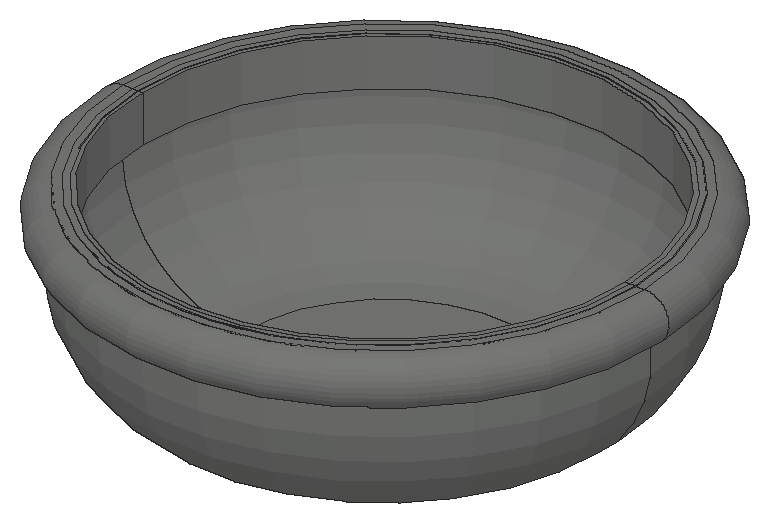
Revit family "Specialty_Equipment-Fiberglass_Planter-Planters_Unlimited-Balboa-Low Bowl", category Specialty Equipment, Revit 2023
Family settings
  Round Connector Dimension = Use Diameter
  Part Type = Normal
  OmniClass Number = 23.40.05.21.17
  OmniClass Title = Planters
  Work Plane-Based = No
  Enable Cutting in Views = No
  Always vertical = Yes
  Cut with Voids When Loaded = No
  Maintain Annotation Orientation = No
  Shared = No
  Room Calculation Point = No
Parameters (values of type "24"Dia x 8"H")
  URL = "https://www.plantersunlimited.com"
  Type Comments = "Square Planter"
  Model = "Balboa Low Bowl Series Planter"  # constant formula
  Manufacturer = "Planters Unlimited"  # constant formula
  Description = "Balboa Low Bowl Planter"  # constant formula
  Default Elevation = 0.0"
  CD_Top Lip = CD_Diameter / 4  # 6.0"
  CD_Specification = "https://www.plantersunlimited.com/content/Planters/F1-BAL-R.pdf"
  CD_Product Page URL = "https://www.plantersunlimited.com/balboa-low-bowl-shapped-planters/"
  CD_Product Name [instance] = "Balboa Low Bowl Planter"  # constant formula
  CD_Pad Spacing = CD_Diameter / 5  # 4.8"
  CD_Microsite = "https://www.caddetails.com/3404"
  CD_Lip Width = CD_Diameter - 3.5"  # 20.5"
  CD_Height = 8.0"
  CD_Finish = Plastic-Fiberglass-Carlsbad-Semi_Gloss-Charcoal
  CD_Diameter = 24.0"
  CD_Created By = "CADdetails LTD. 2025"  # constant formula
  CD_Base Dia = CD_Diameter / 2  # 12.0"
  Assembly Code = "G2050600"
Types (4): name | Type Comments | CD_Top Lip | CD_Pad Spacing | CD_Lip Width | CD_Height | CD_Diameter | CD_Base Dia
  24"Dia x 8"H | "Square Planter" | 6.0" | 4.8" | 20.5" | 8.0" | 24.0" | 12.0"
  30"Dia x 11"H | "Square Planter" | 7.5" | 6.0" | 26.5" | 11.0" | 30.0" | 15.0"
  36"Dia x 13"H | "Square Planter" | 9.0" | 7.2" | 32.5" | 13.0" | 36.0" | 18.0"
  42"Dia x 15"H | "Bowl Planter" | 10.5" | 8.4" | 38.5" | 15.0" | 42.0" | 21.0"
Reference planes (in)
  plane 1 "Center (Front/Back)": y = 0
  plane 2: z = 0
  plane 3 "Center (Left/Right)": x = 0
  plane 4 "Back": y = 12
  plane 5 "Front": y = -12
  plane 6 "Top": z = 8
  plane 7 "Bottom": z = 0
  plane 8 "Left": x = -12
  plane 9 "Right": x = 12
  plane 10 "Mid Plane": z = 6
  plane 11 "Lip": x = 11.2126
Forms (in)
  Revolve 1, solid, material "Plastic-Fiberglass-Carlsbad-Semi_Gloss-Charcoal" <- "CD_Finish"
    sketch origin (0, 0, 0) x (1, 0, 0) y (0, 0, 1)
      loop
        line (0, 0.2) -> (6, 0.2)
        arc (6, 0.2) -> (10.53107, 2.78437) -> (10.6133, 8) r 5.26427
        line (10.6133, 8) -> (10.3837, 8)
        arc (10.3837, 8) -> (10.38682, 2.93393) -> (6, 0.4) r 5.06427
        line (6, 0.4) -> (0, 0.4) -> (0, 0.2)
      axis (0, 8) -> (0, 0.2)
    angle from 0 to 360
  Revolve 2, solid, material "Plastic-Fiberglass-Carlsbad-Semi_Gloss-Charcoal" <- "CD_Finish"
    sketch origin (0, 0, 0) x (1, 0, 0) y (0, 0, 1)
      loop
        line (10.2, 8) -> (10.2, 6) -> (11, 6)
        arc (11, 6) -> (12, 7) -> (11, 8) r 1
        line (11, 8) -> (10.2, 8)
      axis (0, 8) -> (0, 6)
    angle from 0 to 360
Dimensions and locks (in)
  plane 5 "Front" to plane 4 "Back" = 24.0"
  plane 5 "Front" to plane 1 "Center (Front/Back)" to plane 4 "Back" = 12.0", 12.0"
  "CD_Diameter": plane 4 "Back" to plane 5 "Front"
  equal spacing: plane 4 "Back", plane 1 "Center (Front/Back)", plane 5 "Front"
  plane 6 "Top" to level = 8.0"  (x2)
  "CD_Height": plane 6 "Top" to level
  "CD_Diameter": plane 9 "Right" to plane 8 "Left"
  equal spacing: plane 9 "Right", plane 3 "Center (Left/Right)", plane 8 "Left"
  "CD_Top Lip": plane 10 "Mid Plane" to level
  plane 9 "Right" to plane 11 "Lip" = 0.7874"
  "CD_Top Lip": Revolve 1 sketch curve to plane 3 "Center (Left/Right)"
  locked: plane 9 "Right" to Revolve 2 sketch curve at 1.8
  plane 9 "Right" to Revolve 2 sketch curve = 1.0"
  locked: plane 9 "Right" to Revolve 2 sketch curve at 1
  locked: Revolve 1 sketch curve to level at 0.2
  locked: Revolve 1 sketch curve to level at 0.4
  "CD_Pad Spacing": plane 1 "Center (Front/Back)" to nested 1
  "CD_Pad Spacing": nested 2 to plane 1 "Center (Front/Back)"
  "CD_Pad Spacing": nested 3 to plane 3 "Center (Left/Right)"
  "CD_Pad Spacing": plane 3 "Center (Left/Right)" to nested 4
  aligned and locked: plane 2 to level
  aligned and locked: plane 6 "Top" to Revolve 1 sketch curve
  aligned and locked: Revolve 2 sketch curve to plane 6 "Top"
  aligned and locked: plane 10 "Mid Plane" to Revolve 2 sketch curve
  aligned and locked: Revolve 2 sketch curve to plane 3 "Center (Left/Right)"
  aligned and locked: Revolve 1 sketch curve to plane 3 "Center (Left/Right)"  (x2)
  aligned and locked: plane 3 "Center (Left/Right)" to nested 1
  aligned and locked: nested 2 to plane 3 "Center (Left/Right)"
  aligned and locked: plane 1 "Center (Front/Back)" to nested 3
  aligned and locked: nested 3 to level
  aligned and locked: level to nested 2
  aligned and locked: nested 1 to level
  aligned and locked: level to nested 4
  aligned and locked: level to plane 7 "Bottom"
Automatic sketch dimensions
  Revolve 2 sketch curve to level = 24.0"
  plane 6 "Top" to Revolve 2 sketch curve = 94.71882"
  Revolve 1 sketch curve to Revolve 1 sketch curve = 0.0"  (x2)
  Revolve 1 sketch curve to plane 11 "Lip" = 0.8289"
  Revolve 1 sketch curve to plane 10 "Mid Plane" = 2.28118"
  plane 6 "Top" to Revolve 1 sketch curve = 94.71882"
Nested families (in)
  nested 1: "Pad" at (0, 4.8, 0), Material <- "CD_Finish", type "Pad"
    with Material Plastic-Fiberglass-Carlsbad-Semi_Gloss-Charcoal
  nested 2: "Pad" at (0, -4.8, 0), Material <- "CD_Finish", type "Pad"
    with Material Plastic-Fiberglass-Carlsbad-Semi_Gloss-Charcoal
  nested 3: "Pad" at (-4.8, 0, 0), Material <- "CD_Finish", type "Pad"
    with Material Plastic-Fiberglass-Carlsbad-Semi_Gloss-Charcoal
  nested 4: "Pad" at (4.8, 0, 0) x (-1, 0, 0) z (0, 0, 1), Material <- "CD_Finish", type "Pad"
    with Material Plastic-Fiberglass-Carlsbad-Semi_Gloss-Charcoal
Definition of nested family "Pad"
  Parameters (values of type "Pad")
    Material [instance] = none
    Default Elevation = 0.0"
    CD_Size = 3.0"
    CD_Height = 0.19922"
  Reference planes (in)
    plane 1 "Center (Front/Back)": y = 0
    plane 2: z = 0
    plane 3 "Center (Left/Right)": x = 0
    plane 4: z = 0.19922
  Forms (in)
    Extrusion 1, solid, material <- "Material"
      sketch origin (0, 0, 0) x (1, 0, 0) y (0, 1, 0)
        loop
          line (-1.5, 1.5) -> (-1.5, -1.5) -> (1.5, -1.5) -> (1.5, 1.5) -> (-1.5, 1.5)
      from 0 to 0.19922
  Dimensions and locks (in)
    equal spacing: Extrusion 1 sketch curve, plane 1 "Center (Front/Back)", Extrusion 1 sketch curve
    equal spacing: Extrusion 1 sketch curve, plane 3 "Center (Left/Right)", Extrusion 1 sketch curve
    "CD_Size": Extrusion 1 sketch curve to Extrusion 1 sketch curve  (x2)
    "CD_Height": plane 4 to level
    aligned and locked: plane 2 to level
    aligned and locked: plane 4 to Extrusion 1
    aligned and locked: Extrusion 1 to level
